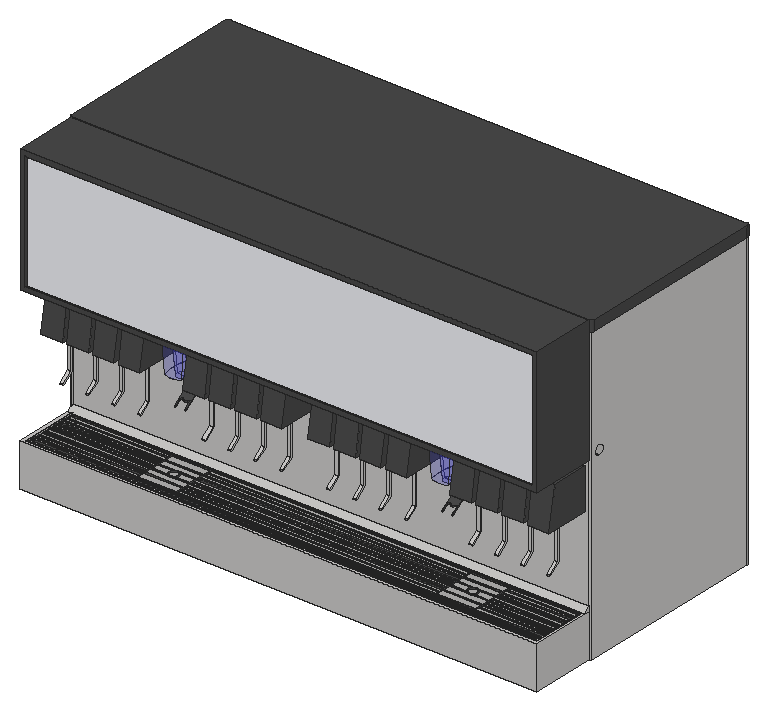
Revit family "QF_LANCER_IBD 4500-60_cat", category Specialty Equipment, Revit 2012
Parameters
  Width [instance] = 60 3/4"  # constant formula
  Weight in Pounds = 0
  Watts = 0 W
  Waste Water Discharge Temperature = -459.67 °F
  Volts = 115 V
  URL Cutsheet = "www.lancercorp.com"
  URL = "www.lancercorp.com"
  Type Mark [instance] = ""
  Status [instance] = ""
  Specification by User [instance] = ""
  Specification by Manufacturer = ""
  Serial Number = ""
  Seismic Rating = ""
  SMACNA No = ""
  Revision Code [instance] = ""
  Plumbing Remarks = ""
  Plumbing Connection Type = ""
  Phase = 0
  Omniclass Number and Title = ""
  Number of Poles [instance] = 1
  NAFEM Spec ID Number = ""
  Model = "IBD 4500-60"
  Min Ckt Ampacity = 0 A
  Max Overcurrent Protection = 0 A
  Masterspec = ""
  Manufacturer = "LANCER"
  Item Number [instance] = ""
  Installed By [instance] = ""
  Indirect Waste Size = 3/4"
  Indirect Waste Flow = 0 GPM
  Indirect Waste Connection Type = ""
  Indirect Waste Connection Height = 0"
  Identify Quantity as Lot [instance] = yes
  Height [instance] = 35 3/8"  # constant formula
  HP = ""
  Furnished By [instance] = ""
  Foodservice Equipment Identifier [instance] = yes
  FL Amps = 6 A
  Electrical Remarks [instance] = ""
  Electric Connection Type [instance] = ""
  Elec Conn RI Height [instance] = 0"
  Elec Conn Connection Height [instance] = 0"
  Description = "ICE BEVERAGE DISPENSER"
  Depth [instance] = 30 1/2"  # constant formula
  Cycle = 60 Hz
  Conn Plug = ""
  Conn Conduit = yes
  Cold Water Temperature Recommended = -459.67 °F
  Cold Water Size = 3/8"
  Cold Water RI Height = 0"
  Cold Water Minimum Pressure = 0.00 psi
  Cold Water Maximum Pressure = 0.00 psi
  Cold Water Flow = 0 GPM
  Cold Water Consumption = ""
  Cold Water Connection Height = 0"
  CSI MasterFormat = ""
  CSI Master Format = ""
  Apparent Power = if(Phase = 3, Volts * FL Amps * 1.73, Volts * FL Amps)  # 690 VA
Reference planes (in)
  plane 1 "BACK": y = 0
  plane 2: z = 0
  plane 3 "LEFT": x = 0
  plane 4 "RIGHT": x = 60.75
  plane 5 "FRONT": y = -30.5
  plane 6 "TOP": z = 35.375
  plane 7 "Center Y": x = 30.375
  plane 8 "Center X": y = -15.25
  plane 9: z = 5
  plane 10: y = -23
  plane 11: z = 14.61
  plane 12: z = 20.68815
  plane 13: z = 34.1875
  plane 14: x = 2.12515
  plane 15: x = 4.95882
  plane 16: x = 2.33382
  plane 17: x = 8.12515
  plane 18: x = 10.95882
  plane 19: x = 8.33382
  plane 20: x = 5.12515
  plane 21: x = 7.95882
  plane 22: x = 5.33382
  plane 23: x = 11.12515
  plane 24: x = 13.95882
  plane 25: x = 11.33382
  plane 26: x = 18.62485
  plane 27: x = 21.45853
  plane 28: x = 18.83353
  plane 29: x = 24.62485
  plane 30: x = 27.45853
  plane 31: x = 24.83353
  plane 32: x = 21.62485
  plane 33: x = 24.45853
  plane 34: x = 21.83353
  plane 35: x = 27.62485
  plane 36: x = 30.45853
  plane 37: x = 27.83353
  plane 38: x = 58.62485
  plane 39: x = 55.79118
  plane 40: x = 58.41618
  plane 41: x = 52.62485
  plane 42: x = 49.79118
  plane 43: x = 52.41618
  plane 44: x = 55.62485
  plane 45: x = 52.79118
  plane 46: x = 55.41618
  plane 47: x = 49.62485
  plane 48: x = 46.79118
  plane 49: x = 49.41618
  plane 50: x = 42.12515
  plane 51: x = 39.29147
  plane 52: x = 41.91647
  plane 53: x = 36.12515
  plane 54: x = 33.29147
  plane 55: x = 35.91647
  plane 56: x = 39.12515
  plane 57: x = 36.29147
  plane 58: x = 38.91647
  plane 59: x = 33.12515
  plane 60: x = 30.29147
  plane 61: x = 32.91647
Forms (in)
  Extrusion 1, solid, material "QF_Finishes_Stainless Steel"
    sketch origin (0, 0, 0) x (1, 0, 0) y (0, 1, 0)
      loop
        line (0.375, -23) -> (0.375, -22.9375) -> (60.375, -22.9375) -> (60.375, -23)
        arc (60.375, -23) -> (60.50758, -22.94508) -> (60.5625, -22.8125) r 0.1875
        line (60.5625, -22.8125) -> (60.5625, -0.25)
        arc (60.5625, -0.25) -> (60.54419, -0.20581) -> (60.5, -0.1875) r 0.0625
        line (60.5, -0.1875) -> (0.25, -0.1875)
        arc (0.25, -0.1875) -> (0.20581, -0.20581) -> (0.1875, -0.25) r 0.0625
        line (0.1875, -0.25) -> (0.1875, -22.8125)
        arc (0.1875, -22.8125) -> (0.24242, -22.94508) -> (0.375, -23) r 0.1875
    from 0 to 34.1875
  Extrusion 2, solid, material "QF_Finishes_Stainless Steel"
    sketch origin (0, 0, 0) x (1, 0, 0) y (0, 1, 0)
      loop
        line (0.375, -23) -> (0.375, -30.5) -> (60.375, -30.5) -> (60.375, -23) -> (60, -23) -> (60, -30.125) -> (0.75, -30.125) -> (0.75, -23) -> (0.375, -23)
    from 0 to 5
  Extrusion 3, solid, material "QF_Finishes_Stainless Steel"
    sketch origin (0, 0, 0) x (1, 0, 0) y (0, 1, 0)
      loop
        line (0.75, -23) -> (0.75, -30.125) -> (60, -30.125) -> (60, -23) -> (0.75, -23)
    from 0 to 0.375
  Blend 4, solid, material "Glass"
    base sketch origin (-7.125, 0, 0) x (1, 0, 0) y (0, 1, 0)
      loop
        line (23.03287, -23.21875) -> (20.96713, -23.21875)
        arc (20.96713, -23.21875) -> (20.79437, -24.82045) -> (21, -26.41827) r 6.85835
        arc (21, -26.41827) -> (22, -26.69108) -> (23, -26.41827) r 1.96919
        arc (23, -26.41827) -> (23.20563, -24.82045) -> (23.03287, -23.21875) r 6.85835
    top sketch origin (-7.125, 0, 0) x (1, 0, 0) y (0, 1, 0)
      loop
        line (23.53753, -23.21875) -> (20.46247, -23.21875)
        arc (20.46247, -23.21875) -> (20.30335, -24.92716) -> (20.54461, -26.62593) r 7.35113
        arc (20.54461, -26.62593) -> (22, -27.11846) -> (23.45539, -26.62593) r 2.39657
        arc (23.45539, -26.62593) -> (23.69665, -24.92716) -> (23.53753, -23.21875) r 7.35113
    from 14.875 to 20.68815
  Extrusion 5, solid, material "QF_Finishes_Stainless Steel"
    sketch origin (0, 0.0625, 0) x (0, 1, 0) y (0, 0, 1)
      loop
        line (-23, 5.60401) -> (-23.60401, 5) -> (-23, 5) -> (-23, 5.60401)
    from 0.375 to 60.375
  Revolve 6, solid, material "Glass"
    sketch origin (-7.12485, -25, 0) x (1, 0, 0) y (0, 0, 1)
      loop
        line (22, 20.27385) -> (22, 14.50252) -> (22.67263, 14.50252)
        arc (22.67263, 14.50252) -> (22.81766, 17.4016) -> (23.237, 20.27385) r 30.56875
        line (23.237, 20.27385) -> (22, 20.27385)
      axis (22, 14.50252) -> (22, 20.27385)
    angle from 0 to 360
  Extrusion 7, solid, material "QF_Finishes_Stainless Steel"
    sketch origin (-7.125, 0, 0) x (1, 0, 0) y (0, 0, 1)
      loop
        line (21.02317, 14.61) -> (22.97683, 14.61) -> (23.58115, 20.68815) -> (20.41885, 20.68815) -> (21.02317, 14.61)
    from 23 to 23.21875
  Extrusion 8, solid, material "QF_Finishes_Black"
    sketch origin (-0.38493, 0, -1.56533) x (0, 1, 0) y (0, 0, 1)
      loop
        line (-24, 16.17533) -> (-24, 13.80658) -> (-25.43906, 12.83592) -> (-25.40411, 12.78411) -> (-23.9375, 13.77334) -> (-23.9375, 16.17533) -> (-24, 16.17533)
    from 14.59375 to 15.90625
  Extrusion 9, void
    sketch origin (-7.12485, 0, -1.56533) x (1, 0, 0) y (0, 1, 0)
      loop
        line (21.50557, -25.47981) -> (22.49443, -25.47981) -> (22.5317, -24.76869)
        arc (22.5317, -24.76869) -> (22.46175, -24.63985) -> (22.31519, -24.64369) r 0.14029
        arc (22.31519, -24.64369) -> (22, -24.73706) -> (21.68481, -24.64369) r 0.57872
        arc (21.68481, -24.64369) -> (21.53825, -24.63985) -> (21.4683, -24.76869) r 0.14029
        line (21.4683, -24.76869) -> (21.50557, -25.47981)
    from 12.74241 to 14.39164
  Extrusion 10, void
    sketch origin (-7.12485, 0, -1.56533) x (1, 0, 0) y (0, 0, 1)
      loop
        line (21.34491, 13.82322) -> (21.50939, 16.17533) -> (21.19702, 16.17533) -> (21.19702, 13.82322) -> (21.34491, 13.82322)
      loop
        line (22.65509, 13.82322) -> (22.80298, 13.82322) -> (22.80298, 16.17533) -> (22.49061, 16.17533) -> (22.65509, 13.82322)
    from 23.83187 to 24.10002
  Extrusion 11, solid, material "QF_Finishes_Stainless Steel"
    sketch origin (0, 0, 0.84861) x (1, 0, 0) y (0, 1, 0)
      loop
        line (0.75, -30.125) -> (60, -30.125) -> (60, -23) -> (0.75, -23) -> (0.75, -30.125)
      loop
        line (0.8125, -30.0625) -> (59.9375, -30.0625) -> (59.9375, -23.0625) -> (0.8125, -23.0625) -> (0.8125, -30.0625)
    from 3.90139 to 4.15139
  Extrusion 12, solid, material "QF_Finishes_Stainless Steel"
    sketch origin (4.25, 0, 12.09375) x (1, 0, 0) y (0, 0, -1)
      loop
        circle (26.125, -5) r 0.25
    from 0 to 0.0625
  Extrusion 13, solid, material "QF_Finishes_Stainless Steel"
    sketch origin (60.5625, -0.25, 1.125) x (0, -1, 0) y (0, 0, -1)
      loop
        circle (21.54517, -20.31108) r 0.5
    from 0 to 0.0625
  Extrusion 14, solid, material "QF_Finishes_Stainless Steel"
    sketch origin (0.1875, 0, 1.125) x (0, -1, 0) y (0, 0, 1)
      loop
        circle (21.79517, 20.31108) r 0.5
    from 0 to 0.0625
  Extrusion 15, solid, material "QF_Finishes_Black"
    sketch origin (0, 0, 0) x (1, 0, 0) y (0, 1, 0)
      loop
        line (0.37515, -23) -> (0.37515, -30.5) -> (60.375, -30.5) -> (60.375, -23) -> (0.37515, -23)
    from 20.68815 to 35.375
  Extrusion 16, solid, material "QF_Finishes_Black"
    sketch origin (3.94772, 0, -0.38953) x (0, 1, 0) y (0, 0, -1)
      loop
        line (-27.34912, -20.37709) -> (-22.9375, -20.37709) -> (-22.9375, -15.625) -> (-28.11716, -15.625) -> (-27.34912, -20.37709)
    from 0.57258 to 3.07258
  Extrusion 17, solid, material "QF_Finishes_Black"
    sketch origin (-4.69743, 0, -1.20486) x (1, 0, 0) y (0, 1, 0)
      loop
        circle (6.82258, -26.65163) r 0.5
    from 15.81486 to 16.44033
  Sweep 18, solid, material "QF_Finishes_Stainless Steel"
    path origin (0.42757, 0, -1.20486) x (0, 1, 0) y (0, 0, 1)
      loop
        line (-25.46144, 16.44033) -> (-25.46144, 11.90908) -> (-26.65939, 11.00636)
    profile origin (0.42757, -25.46144, 12.96985) x (1, 0, 0) y (0, 1, 0)
      loop
        line (1.51008, 0) -> (1.51008, -0.0625) -> (1.88508, -0.0625) -> (1.88508, 0) -> (1.51008, 0)
  Extrusion 19, solid, material "QF_Finishes_Black"
    sketch origin (9.94772, 0, -0.38953) x (0, 1, 0) y (0, 0, -1)
      loop
        line (-27.34912, -20.37709) -> (-22.9375, -20.37709) -> (-22.9375, -15.625) -> (-28.11716, -15.625) -> (-27.34912, -20.37709)
    from 0.57258 to 3.07258
  Extrusion 20, solid, material "QF_Finishes_Black"
    sketch origin (1.30257, 0, -1.20486) x (1, 0, 0) y (0, 1, 0)
      loop
        circle (6.82258, -26.65163) r 0.5
    from 15.81486 to 16.44033
  Sweep 21, solid, material "QF_Finishes_Stainless Steel"
    path origin (6.42757, 0, -1.20486) x (0, 1, 0) y (0, 0, 1)
      loop
        line (-25.46144, 16.44033) -> (-25.46144, 11.90908) -> (-26.65939, 11.00636)
    profile origin (6.42757, -25.46144, 12.96985) x (1, 0, 0) y (0, 1, 0)
      loop
        line (1.51008, 0) -> (1.51008, -0.0625) -> (1.88508, -0.0625) -> (1.88508, 0) -> (1.51008, 0)
  Extrusion 22, solid, material "QF_Finishes_Black"
    sketch origin (6.94772, 0, -0.38953) x (0, 1, 0) y (0, 0, -1)
      loop
        line (-27.34912, -20.37709) -> (-22.9375, -20.37709) -> (-22.9375, -15.625) -> (-28.11716, -15.625) -> (-27.34912, -20.37709)
    from 0.57258 to 3.07258
  Extrusion 23, solid, material "QF_Finishes_Black"
    sketch origin (-1.69743, 0, -1.20486) x (1, 0, 0) y (0, 1, 0)
      loop
        circle (6.82258, -26.65163) r 0.5
    from 15.81486 to 16.44033
  Sweep 24, solid, material "QF_Finishes_Stainless Steel"
    path origin (3.42757, 0, -1.20486) x (0, 1, 0) y (0, 0, 1)
      loop
        line (-25.46144, 16.44033) -> (-25.46144, 11.90908) -> (-26.65939, 11.00636)
    profile origin (3.42757, -25.46144, 12.96985) x (1, 0, 0) y (0, 1, 0)
      loop
        line (1.51008, 0) -> (1.51008, -0.0625) -> (1.88508, -0.0625) -> (1.88508, 0) -> (1.51008, 0)
  Extrusion 25, solid, material "QF_Finishes_Black"
    sketch origin (12.94772, 0, -0.38953) x (0, 1, 0) y (0, 0, -1)
      loop
        line (-27.34912, -20.37709) -> (-22.9375, -20.37709) -> (-22.9375, -15.625) -> (-28.11716, -15.625) -> (-27.34912, -20.37709)
    from 0.57258 to 3.07258
  Extrusion 26, solid, material "QF_Finishes_Black"
    sketch origin (4.30257, 0, -1.20486) x (1, 0, 0) y (0, 1, 0)
      loop
        circle (6.82258, -26.65163) r 0.5
    from 15.81486 to 16.44033
  Sweep 27, solid, material "QF_Finishes_Stainless Steel"
    path origin (9.42757, 0, -1.20486) x (0, 1, 0) y (0, 0, 1)
      loop
        line (-25.46144, 16.44033) -> (-25.46144, 11.90908) -> (-26.65939, 11.00636)
    profile origin (9.42757, -25.46144, 12.96985) x (1, 0, 0) y (0, 1, 0)
      loop
        line (1.51008, 0) -> (1.51008, -0.0625) -> (1.88508, -0.0625) -> (1.88508, 0) -> (1.51008, 0)
  Extrusion 28, solid, material "QF_Finishes_Black"
    sketch origin (0, 0, 34.1875) x (1, 0, 0) y (0, 1, 0)
      loop
        arc (0.5, 0) -> (0.15016, -0.14277) -> (0.00011, -0.48954) r 0.5
        line (0.00011, -0.48954) -> (0.00011, -22.62496)
        arc (0.00011, -22.62496) -> (0.10996, -22.89015) -> (0.37515, -23) r 0.37504
        line (0.37515, -23) -> (60.375, -23)
        arc (60.375, -23) -> (60.64017, -22.89017) -> (60.75, -22.625) r 0.375
        line (60.75, -22.625) -> (60.75, -0.5)
        arc (60.75, -0.5) -> (60.60355, -0.14645) -> (60.25, 0) r 0.5
        line (60.25, 0) -> (0.5, 0)
    from 0 to 1.1875
  Extrusion 29, void
    sketch origin (0.375, -30.5, 0) x (1, 0, 0) y (0, 0, 1)
      loop
        line (59.5, 34.875) -> (0.50015, 34.875) -> (0.50015, 21.18815) -> (59.5, 21.18815) -> (59.5, 34.875)
    from -0.33697 to 0.43849
  Extrusion 30, solid, material "QF_Finishes_Black"
    sketch origin (0, 0, 0.6875) x (1, 0, 0) y (0, 1, 0)
      loop
        line (0.75, -30.125) -> (60, -30.125) -> (60, -23) -> (0.75, -23) -> (0.75, -30.125)
      loop
        line (1, -30) -> (59.75, -30)
        arc (59.75, -30) -> (59.83839, -29.96339) -> (59.875, -29.875) r 0.125
        line (59.875, -29.875) -> (59.875, -29.53588) -> (0.875, -29.53588) -> (0.875, -29.875)
        arc (0.875, -29.875) -> (0.91161, -29.96339) -> (1, -30) r 0.125
      loop
        line (0.875, -23.25) -> (0.875, -23.35246) -> (59.875, -23.35246) -> (59.875, -23.25)
        arc (59.875, -23.25) -> (59.83839, -23.16161) -> (59.75, -23.125) r 0.125
        line (59.75, -23.125) -> (1, -23.125)
        arc (1, -23.125) -> (0.91161, -23.16161) -> (0.875, -23.25) r 0.125
      loop
        line (59.875, -23.81917) -> (51.93741, -23.81917) -> (51.93741, -24.35042) -> (59.875, -24.35042) -> (59.875, -23.81917)
      loop
        line (0.875, -28.94417) -> (12.61018, -28.94417) -> (12.61018, -28.41292) -> (0.875, -28.41292) -> (0.875, -28.94417)
      loop
        line (12.67268, -23.81917) -> (12.67268, -24.91292) -> (17.17268, -24.91292) -> (17.17268, -23.81917) -> (12.67268, -23.81917)
      loop
        line (59.875, -23.75667) -> (59.875, -23.41496) -> (0.875, -23.41496) -> (0.875, -23.75667) -> (59.875, -23.75667)
      loop
        line (17.23518, -23.81917) -> (17.23518, -24.35042) -> (47.31241, -24.35042) -> (47.31241, -23.81917) -> (17.23518, -23.81917)
      loop
        line (0.875, -29.00667) -> (0.875, -29.47338) -> (59.875, -29.47338) -> (59.875, -29.00667) -> (47.21866, -29.00667) -> (0.875, -29.00667)
      loop
        line (12.61018, -23.81917) -> (0.875, -23.81917) -> (0.875, -24.35042) -> (12.61018, -24.35042) -> (12.61018, -23.81917)
      loop
        line (0.875, -24.41292) -> (0.875, -24.91292) -> (12.61018, -24.91292) -> (12.61018, -24.41292) -> (0.875, -24.41292)
      loop
        line (0.875, -28.35042) -> (12.61018, -28.35042) -> (12.61018, -27.88167) -> (0.875, -27.88167) -> (0.875, -28.35042)
      loop
        line (0.875, -25.85042) -> (12.61018, -25.85042) -> (12.61018, -25.50667) -> (0.875, -25.50667) -> (0.875, -25.85042)
      loop
        line (0.875, -25.91292) -> (0.875, -26.38167) -> (12.61018, -26.38167) -> (12.61018, -25.91292) -> (0.875, -25.91292)
      loop
        line (0.875, -24.97542) -> (0.875, -25.44417) -> (12.61018, -25.44417) -> (12.61018, -24.97542) -> (0.875, -24.97542)
      loop
        line (0.875, -26.91292) -> (0.875, -27.38167) -> (12.61018, -27.38167) -> (12.61018, -26.91292) -> (0.875, -26.91292)
      loop
        line (0.875, -26.85042) -> (12.61018, -26.85042) -> (12.61018, -26.44417) -> (0.875, -26.44417) -> (0.875, -26.85042)
      loop
        line (0.875, -27.81917) -> (12.61018, -27.81917) -> (12.61018, -27.44417) -> (0.875, -27.44417) -> (0.875, -27.81917)
      loop
        line (17.23518, -28.94417) -> (47.31241, -28.94417) -> (47.31241, -28.41292) -> (17.23518, -28.41292) -> (17.23518, -28.94417)
      loop
        line (12.67268, -28.94417) -> (17.17268, -28.94417) -> (17.17268, -28.37807) -> (17.17268, -27.88167) -> (12.67268, -27.88167) -> (12.67268, -28.94417)
      loop
        line (17.23518, -28.35042) -> (47.31241, -28.35042) -> (47.31241, -27.88167) -> (17.23518, -27.88167) -> (17.23518, -28.35042)
      loop
        line (17.23518, -27.38167) -> (47.31241, -27.38167) -> (47.31241, -26.91292) -> (17.23518, -26.91292) -> (17.23518, -27.38167)
      loop
        line (17.23518, -27.44417) -> (17.23518, -27.81917) -> (47.31241, -27.81917) -> (47.31241, -27.44417) -> (17.23518, -27.44417)
      loop
        line (17.23518, -26.38167) -> (47.31241, -26.38167) -> (47.31241, -25.91292) -> (17.23518, -25.91292) -> (17.23518, -26.38167)
      loop
        line (17.23518, -26.44417) -> (17.23518, -26.85042) -> (47.31241, -26.85042) -> (47.31241, -26.44417) -> (17.23518, -26.44417)
      loop
        line (17.23518, -25.44417) -> (47.31241, -25.44417) -> (47.31241, -24.97542) -> (17.23518, -24.97542) -> (17.23518, -25.44417)
      loop
        line (17.23518, -25.50667) -> (17.23518, -25.85042) -> (47.31241, -25.85042) -> (47.31241, -25.50667) -> (17.23518, -25.50667)
      loop
        line (17.23518, -24.41292) -> (17.23518, -24.91292) -> (47.31241, -24.91292) -> (47.31241, -24.41292) -> (17.23518, -24.41292)
      loop
        line (12.67268, -27.81917) -> (17.17268, -27.81917) -> (17.17268, -26.91292) -> (15.18784, -26.91292)
        arc (15.18784, -26.91292) -> (14.92268, -26.97542) -> (14.65751, -26.91292) r 0.59375
        line (14.65751, -26.91292) -> (12.67268, -26.91292) -> (12.67268, -27.81917)
      loop
        line (12.67268, -26.85042) -> (14.55824, -26.85042)
        arc (14.55824, -26.85042) -> (14.32893, -26.38167) -> (14.55824, -25.91292) r 0.59375
        line (14.55824, -25.91292) -> (12.67268, -25.91292) -> (12.67268, -26.85042)
      loop
        line (17.17268, -25.91292) -> (15.28711, -25.91292)
        arc (15.28711, -25.91292) -> (15.51643, -26.38167) -> (15.28711, -26.85042) r 0.59375
        line (15.28711, -26.85042) -> (17.17268, -26.85042) -> (17.17268, -25.91292)
      loop
        line (12.67268, -25.85042) -> (14.65751, -25.85042)
        arc (14.65751, -25.85042) -> (14.92268, -25.78792) -> (15.18784, -25.85042) r 0.59375
        line (15.18784, -25.85042) -> (17.17268, -25.85042) -> (17.17268, -24.97542) -> (12.67268, -24.97542) -> (12.67268, -25.85042)
      loop
        line (59.875, -28.94417) -> (59.875, -28.41292) -> (51.93741, -28.41292) -> (51.93741, -28.94417) -> (59.875, -28.94417)
      loop
        line (59.875, -28.35042) -> (59.875, -27.88167) -> (51.93741, -27.88167) -> (51.93741, -28.35042) -> (59.875, -28.35042)
      loop
        line (59.875, -27.81917) -> (59.875, -27.44417) -> (51.93741, -27.44417) -> (51.93741, -27.81917) -> (59.875, -27.81917)
      loop
        line (59.875, -27.38167) -> (59.875, -26.91292) -> (51.93741, -26.91292) -> (51.93741, -27.38167) -> (59.875, -27.38167)
      loop
        line (59.875, -26.85042) -> (59.875, -26.44417) -> (51.93741, -26.44417) -> (51.93741, -26.85042) -> (59.875, -26.85042)
      loop
        line (59.875, -26.38167) -> (59.875, -25.91292) -> (51.93741, -25.91292) -> (51.93741, -26.38167) -> (59.875, -26.38167)
      loop
        line (59.875, -25.85042) -> (59.875, -25.50667) -> (51.93741, -25.50667) -> (51.93741, -25.85042) -> (59.875, -25.85042)
      loop
        line (59.875, -25.44417) -> (59.875, -24.97542) -> (51.93741, -24.97542) -> (51.93741, -25.44417) -> (59.875, -25.44417)
      loop
        line (59.875, -24.91292) -> (59.875, -24.41292) -> (51.93741, -24.41292) -> (51.93741, -24.91292) -> (59.875, -24.91292)
      loop
        circle (14.92268, -26.38167) r 0.53125
      loop
        line (47.37491, -23.81917) -> (47.37491, -24.91292) -> (51.87491, -24.91292) -> (51.87491, -23.81917) -> (47.37491, -23.81917)
      loop
        line (47.37491, -28.94417) -> (51.87491, -28.94417) -> (51.87491, -28.37807) -> (51.87491, -27.88167) -> (47.37491, -27.88167) -> (47.37491, -28.94417)
      loop
        line (47.37491, -27.81917) -> (51.87491, -27.81917) -> (51.87491, -26.91292) -> (49.89008, -26.91292)
        arc (49.89008, -26.91292) -> (49.62491, -26.97542) -> (49.35975, -26.91292) r 0.59375
        line (49.35975, -26.91292) -> (47.37491, -26.91292) -> (47.37491, -27.81917)
      loop
        line (47.37491, -26.85042) -> (49.26048, -26.85042)
        arc (49.26048, -26.85042) -> (49.03116, -26.38167) -> (49.26048, -25.91292) r 0.59375
        line (49.26048, -25.91292) -> (47.37491, -25.91292) -> (47.37491, -26.85042)
      loop
        line (51.87491, -25.91292) -> (49.98935, -25.91292)
        arc (49.98935, -25.91292) -> (50.21866, -26.38167) -> (49.98935, -26.85042) r 0.59375
        line (49.98935, -26.85042) -> (51.87491, -26.85042) -> (51.87491, -25.91292)
      loop
        line (47.37491, -25.85042) -> (49.35975, -25.85042)
        arc (49.35975, -25.85042) -> (49.62491, -25.78792) -> (49.89008, -25.85042) r 0.59375
        line (49.89008, -25.85042) -> (51.87491, -25.85042) -> (51.87491, -24.97542) -> (47.37491, -24.97542) -> (47.37491, -25.85042)
      loop
        circle (49.62491, -26.38167) r 0.53125
    from 4.15139 to 4.21389
  Extrusion 31, solid, material "QF_Finishes_Black"
    sketch origin (20.44743, 0, -0.38953) x (0, 1, 0) y (0, 0, -1)
      loop
        line (-27.34912, -20.37709) -> (-22.9375, -20.37709) -> (-22.9375, -15.625) -> (-28.11716, -15.625) -> (-27.34912, -20.37709)
    from 0.57258 to 3.07258
  Extrusion 32, solid, material "QF_Finishes_Black"
    sketch origin (11.80228, 0, -1.20486) x (1, 0, 0) y (0, 1, 0)
      loop
        circle (6.82258, -26.65163) r 0.5
    from 15.81486 to 16.44033
  Sweep 33, solid, material "QF_Finishes_Stainless Steel"
    path origin (16.92728, 0, -1.20486) x (0, 1, 0) y (0, 0, 1)
      loop
        line (-25.46144, 16.44033) -> (-25.46144, 11.90908) -> (-26.65939, 11.00636)
    profile origin (16.92728, -25.46144, 12.96985) x (1, 0, 0) y (0, 1, 0)
      loop
        line (1.51008, 0) -> (1.51008, -0.0625) -> (1.88508, -0.0625) -> (1.88508, 0) -> (1.51008, 0)
  Extrusion 34, solid, material "QF_Finishes_Black"
    sketch origin (26.44743, 0, -0.38953) x (0, 1, 0) y (0, 0, -1)
      loop
        line (-27.34912, -20.37709) -> (-22.9375, -20.37709) -> (-22.9375, -15.625) -> (-28.11716, -15.625) -> (-27.34912, -20.37709)
    from 0.57258 to 3.07258
  Extrusion 35, solid, material "QF_Finishes_Black"
    sketch origin (17.80228, 0, -1.20486) x (1, 0, 0) y (0, 1, 0)
      loop
        circle (6.82258, -26.65163) r 0.5
    from 15.81486 to 16.44033
  Sweep 36, solid, material "QF_Finishes_Stainless Steel"
    path origin (22.92728, 0, -1.20486) x (0, 1, 0) y (0, 0, 1)
      loop
        line (-25.46144, 16.44033) -> (-25.46144, 11.90908) -> (-26.65939, 11.00636)
    profile origin (22.92728, -25.46144, 12.96985) x (1, 0, 0) y (0, 1, 0)
      loop
        line (1.51008, 0) -> (1.51008, -0.0625) -> (1.88508, -0.0625) -> (1.88508, 0) -> (1.51008, 0)
  Extrusion 37, solid, material "QF_Finishes_Black"
    sketch origin (23.44743, 0, -0.38953) x (0, 1, 0) y (0, 0, -1)
      loop
        line (-27.34912, -20.37709) -> (-22.9375, -20.37709) -> (-22.9375, -15.625) -> (-28.11716, -15.625) -> (-27.34912, -20.37709)
    from 0.57258 to 3.07258
  Extrusion 38, solid, material "QF_Finishes_Black"
    sketch origin (14.80228, 0, -1.20486) x (1, 0, 0) y (0, 1, 0)
      loop
        circle (6.82258, -26.65163) r 0.5
    from 15.81486 to 16.44033
  Sweep 39, solid, material "QF_Finishes_Stainless Steel"
    path origin (19.92728, 0, -1.20486) x (0, 1, 0) y (0, 0, 1)
      loop
        line (-25.46144, 16.44033) -> (-25.46144, 11.90908) -> (-26.65939, 11.00636)
    profile origin (19.92728, -25.46144, 12.96985) x (1, 0, 0) y (0, 1, 0)
      loop
        line (1.51008, 0) -> (1.51008, -0.0625) -> (1.88508, -0.0625) -> (1.88508, 0) -> (1.51008, 0)
  Extrusion 40, solid, material "QF_Finishes_Black"
    sketch origin (29.44743, 0, -0.38953) x (0, 1, 0) y (0, 0, -1)
      loop
        line (-27.34912, -20.37709) -> (-22.9375, -20.37709) -> (-22.9375, -15.625) -> (-28.11716, -15.625) -> (-27.34912, -20.37709)
    from 0.57258 to 3.07258
  Extrusion 41, solid, material "QF_Finishes_Black"
    sketch origin (20.80228, 0, -1.20486) x (1, 0, 0) y (0, 1, 0)
      loop
        circle (6.82258, -26.65163) r 0.5
    from 15.81486 to 16.44033
  Sweep 42, solid, material "QF_Finishes_Stainless Steel"
    path origin (25.92728, 0, -1.20486) x (0, 1, 0) y (0, 0, 1)
      loop
        line (-25.46144, 16.44033) -> (-25.46144, 11.90908) -> (-26.65939, 11.00636)
    profile origin (25.92728, -25.46144, 12.96985) x (1, 0, 0) y (0, 1, 0)
      loop
        line (1.51008, 0) -> (1.51008, -0.0625) -> (1.88508, -0.0625) -> (1.88508, 0) -> (1.51008, 0)
  Revolve 43, solid, material "Glass"
    sketch origin (67.87485, -25, 0) x (-1, 0, 0) y (0, 0, -1)
      loop
        line (22, -20.27385) -> (23.237, -20.27385)
        arc (23.237, -20.27385) -> (22.81766, -17.4016) -> (22.67263, -14.50252) r 30.56875
        line (22.67263, -14.50252) -> (22, -14.50252) -> (22, -20.27385)
      axis (22, -14.50252) -> (22, -20.27385)
    angle from 0 to 360
  Extrusion 44, solid, material "QF_Finishes_Black"
    sketch origin (61.13493, 0, -1.56533) x (0, 1, 0) y (0, 0, -1)
      loop
        line (-24, -16.17533) -> (-23.9375, -16.17533) -> (-23.9375, -13.77334) -> (-25.40411, -12.78411) -> (-25.43906, -12.83592) -> (-24, -13.80658) -> (-24, -16.17533)
    from 14.59375 to 15.90625
  Extrusion 45, void
    sketch origin (67.87485, 0, -1.56533) x (-1, 0, 0) y (0, -1, 0)
      loop
        line (21.50557, 25.47981) -> (21.4683, 24.76869)
        arc (21.4683, 24.76869) -> (21.53825, 24.63985) -> (21.68481, 24.64369) r 0.14029
        arc (21.68481, 24.64369) -> (22, 24.73706) -> (22.31519, 24.64369) r 0.57872
        arc (22.31519, 24.64369) -> (22.46175, 24.63985) -> (22.5317, 24.76869) r 0.14029
        line (22.5317, 24.76869) -> (22.49443, 25.47981) -> (21.50557, 25.47981)
    from 12.74241 to 14.39164
  Extrusion 46, void
    sketch origin (67.87485, 0, -1.56533) x (-1, 0, 0) y (0, 0, -1)
      loop
        line (21.34491, -13.82322) -> (21.19702, -13.82322) -> (21.19702, -16.17533) -> (21.50939, -16.17533) -> (21.34491, -13.82322)
      loop
        line (22.65509, -13.82322) -> (22.49061, -16.17533) -> (22.80298, -16.17533) -> (22.80298, -13.82322) -> (22.65509, -13.82322)
    from 23.83187 to 24.10002
  Extrusion 47, solid, material "QF_Finishes_Black"
    sketch origin (56.80228, 0, -0.38953) x (0, 1, 0) y (0, 0, 1)
      loop
        line (-27.34912, 20.37709) -> (-28.11716, 15.625) -> (-22.9375, 15.625) -> (-22.9375, 20.37709) -> (-27.34912, 20.37709)
    from 0.57258 to 3.07258
  Extrusion 48, solid, material "QF_Finishes_Black"
    sketch origin (65.44743, 0, -1.20486) x (-1, 0, 0) y (0, -1, 0)
      loop
        circle (6.82258, 26.65163) r 0.5
    from 15.81486 to 16.44033
  Sweep 49, solid, material "QF_Finishes_Stainless Steel"
    path origin (60.32243, 0, -1.20486) x (0, 1, 0) y (0, 0, -1)
      loop
        line (-25.46144, -16.44033) -> (-25.46144, -11.90908) -> (-26.65939, -11.00636)
    profile origin (60.32243, -25.46144, 12.96985) x (-1, 0, 0) y (0, -1, 0)
      loop
        line (1.51008, 0) -> (1.88508, 0) -> (1.88508, 0.0625) -> (1.51008, 0.0625) -> (1.51008, 0)
  Extrusion 50, solid, material "QF_Finishes_Black"
    sketch origin (50.80228, 0, -0.38953) x (0, 1, 0) y (0, 0, 1)
      loop
        line (-27.34912, 20.37709) -> (-28.11716, 15.625) -> (-22.9375, 15.625) -> (-22.9375, 20.37709) -> (-27.34912, 20.37709)
    from 0.57258 to 3.07258
  Extrusion 51, solid, material "QF_Finishes_Black"
    sketch origin (59.44743, 0, -1.20486) x (-1, 0, 0) y (0, -1, 0)
      loop
        circle (6.82258, 26.65163) r 0.5
    from 15.81486 to 16.44033
  Sweep 52, solid, material "QF_Finishes_Stainless Steel"
    path origin (54.32243, 0, -1.20486) x (0, 1, 0) y (0, 0, -1)
      loop
        line (-25.46144, -16.44033) -> (-25.46144, -11.90908) -> (-26.65939, -11.00636)
    profile origin (54.32243, -25.46144, 12.96985) x (-1, 0, 0) y (0, -1, 0)
      loop
        line (1.51008, 0) -> (1.88508, 0) -> (1.88508, 0.0625) -> (1.51008, 0.0625) -> (1.51008, 0)
  Extrusion 53, solid, material "QF_Finishes_Black"
    sketch origin (53.80228, 0, -0.38953) x (0, 1, 0) y (0, 0, 1)
      loop
        line (-27.34912, 20.37709) -> (-28.11716, 15.625) -> (-22.9375, 15.625) -> (-22.9375, 20.37709) -> (-27.34912, 20.37709)
    from 0.57258 to 3.07258
  Extrusion 54, solid, material "QF_Finishes_Black"
    sketch origin (62.44743, 0, -1.20486) x (-1, 0, 0) y (0, -1, 0)
      loop
        circle (6.82258, 26.65163) r 0.5
    from 15.81486 to 16.44033
  Sweep 55, solid, material "QF_Finishes_Stainless Steel"
    path origin (57.32243, 0, -1.20486) x (0, 1, 0) y (0, 0, -1)
      loop
        line (-25.46144, -16.44033) -> (-25.46144, -11.90908) -> (-26.65939, -11.00636)
    profile origin (57.32243, -25.46144, 12.96985) x (-1, 0, 0) y (0, -1, 0)
      loop
        line (1.51008, 0) -> (1.88508, 0) -> (1.88508, 0.0625) -> (1.51008, 0.0625) -> (1.51008, 0)
  Extrusion 56, solid, material "QF_Finishes_Black"
    sketch origin (47.80228, 0, -0.38953) x (0, 1, 0) y (0, 0, 1)
      loop
        line (-27.34912, 20.37709) -> (-28.11716, 15.625) -> (-22.9375, 15.625) -> (-22.9375, 20.37709) -> (-27.34912, 20.37709)
    from 0.57258 to 3.07258
  Extrusion 57, solid, material "QF_Finishes_Black"
    sketch origin (56.44743, 0, -1.20486) x (-1, 0, 0) y (0, -1, 0)
      loop
        circle (6.82258, 26.65163) r 0.5
    from 15.81486 to 16.44033
  Sweep 58, solid, material "QF_Finishes_Stainless Steel"
    path origin (51.32243, 0, -1.20486) x (0, 1, 0) y (0, 0, -1)
      loop
        line (-25.46144, -16.44033) -> (-25.46144, -11.90908) -> (-26.65939, -11.00636)
    profile origin (51.32243, -25.46144, 12.96985) x (-1, 0, 0) y (0, -1, 0)
      loop
        line (1.51008, 0) -> (1.88508, 0) -> (1.88508, 0.0625) -> (1.51008, 0.0625) -> (1.51008, 0)
  Extrusion 59, solid, material "QF_Finishes_Black"
    sketch origin (40.30257, 0, -0.38953) x (0, 1, 0) y (0, 0, 1)
      loop
        line (-27.34912, 20.37709) -> (-28.11716, 15.625) -> (-22.9375, 15.625) -> (-22.9375, 20.37709) -> (-27.34912, 20.37709)
    from 0.57258 to 3.07258
  Extrusion 60, solid, material "QF_Finishes_Black"
    sketch origin (48.94772, 0, -1.20486) x (-1, 0, 0) y (0, -1, 0)
      loop
        circle (6.82258, 26.65163) r 0.5
    from 15.81486 to 16.44033
  Sweep 61, solid, material "QF_Finishes_Stainless Steel"
    path origin (43.82272, 0, -1.20486) x (0, 1, 0) y (0, 0, -1)
      loop
        line (-25.46144, -16.44033) -> (-25.46144, -11.90908) -> (-26.65939, -11.00636)
    profile origin (43.82272, -25.46144, 12.96985) x (-1, 0, 0) y (0, -1, 0)
      loop
        line (1.51008, 0) -> (1.88508, 0) -> (1.88508, 0.0625) -> (1.51008, 0.0625) -> (1.51008, 0)
  Extrusion 62, solid, material "QF_Finishes_Black"
    sketch origin (34.30257, 0, -0.38953) x (0, 1, 0) y (0, 0, 1)
      loop
        line (-27.34912, 20.37709) -> (-28.11716, 15.625) -> (-22.9375, 15.625) -> (-22.9375, 20.37709) -> (-27.34912, 20.37709)
    from 0.57258 to 3.07258
  Extrusion 63, solid, material "QF_Finishes_Black"
    sketch origin (42.94772, 0, -1.20486) x (-1, 0, 0) y (0, -1, 0)
      loop
        circle (6.82258, 26.65163) r 0.5
    from 15.81486 to 16.44033
  Sweep 64, solid, material "QF_Finishes_Stainless Steel"
    path origin (37.82272, 0, -1.20486) x (0, 1, 0) y (0, 0, -1)
      loop
        line (-25.46144, -16.44033) -> (-25.46144, -11.90908) -> (-26.65939, -11.00636)
    profile origin (37.82272, -25.46144, 12.96985) x (-1, 0, 0) y (0, -1, 0)
      loop
        line (1.51008, 0) -> (1.88508, 0) -> (1.88508, 0.0625) -> (1.51008, 0.0625) -> (1.51008, 0)
  Extrusion 65, solid, material "QF_Finishes_Black"
    sketch origin (37.30257, 0, -0.38953) x (0, 1, 0) y (0, 0, 1)
      loop
        line (-27.34912, 20.37709) -> (-28.11716, 15.625) -> (-22.9375, 15.625) -> (-22.9375, 20.37709) -> (-27.34912, 20.37709)
    from 0.57258 to 3.07258
  Extrusion 66, solid, material "QF_Finishes_Black"
    sketch origin (45.94772, 0, -1.20486) x (-1, 0, 0) y (0, -1, 0)
      loop
        circle (6.82258, 26.65163) r 0.5
    from 15.81486 to 16.44033
  Sweep 67, solid, material "QF_Finishes_Stainless Steel"
    path origin (40.82272, 0, -1.20486) x (0, 1, 0) y (0, 0, -1)
      loop
        line (-25.46144, -16.44033) -> (-25.46144, -11.90908) -> (-26.65939, -11.00636)
    profile origin (40.82272, -25.46144, 12.96985) x (-1, 0, 0) y (0, -1, 0)
      loop
        line (1.51008, 0) -> (1.88508, 0) -> (1.88508, 0.0625) -> (1.51008, 0.0625) -> (1.51008, 0)
  Extrusion 68, solid, material "QF_Finishes_Black"
    sketch origin (31.30257, 0, -0.38953) x (0, 1, 0) y (0, 0, 1)
      loop
        line (-27.34912, 20.37709) -> (-28.11716, 15.625) -> (-22.9375, 15.625) -> (-22.9375, 20.37709) -> (-27.34912, 20.37709)
    from 0.57258 to 3.07258
  Extrusion 69, solid, material "QF_Finishes_Black"
    sketch origin (39.94772, 0, -1.20486) x (-1, 0, 0) y (0, -1, 0)
      loop
        circle (6.82258, 26.65163) r 0.5
    from 15.81486 to 16.44033
  Sweep 70, solid, material "QF_Finishes_Stainless Steel"
    path origin (34.82272, 0, -1.20486) x (0, 1, 0) y (0, 0, -1)
      loop
        line (-25.46144, -16.44033) -> (-25.46144, -11.90908) -> (-26.65939, -11.00636)
    profile origin (34.82272, -25.46144, 12.96985) x (-1, 0, 0) y (0, -1, 0)
      loop
        line (1.51008, 0) -> (1.88508, 0) -> (1.88508, 0.0625) -> (1.51008, 0.0625) -> (1.51008, 0)
  Blend 71, solid, material "Glass"
    base sketch origin (67.875, 0, 0) x (-1, 0, 0) y (0, -1, 0)
      loop
        arc (23.03287, 23.21875) -> (23.20563, 24.82045) -> (23, 26.41827) r 6.85835
        arc (23, 26.41827) -> (22, 26.69108) -> (21, 26.41827) r 1.96919
        arc (21, 26.41827) -> (20.79437, 24.82045) -> (20.96713, 23.21875) r 6.85835
        line (20.96713, 23.21875) -> (23.03287, 23.21875)
    top sketch origin (67.875, 0, 0) x (-1, 0, 0) y (0, -1, 0)
      loop
        arc (23.53753, 23.21875) -> (23.69665, 24.92716) -> (23.45539, 26.62593) r 7.35113
        arc (23.45539, 26.62593) -> (22, 27.11846) -> (20.54461, 26.62593) r 2.39657
        arc (20.54461, 26.62593) -> (20.30335, 24.92716) -> (20.46247, 23.21875) r 7.35113
        line (20.46247, 23.21875) -> (23.53753, 23.21875)
    from 14.875 to 20.68815
  Extrusion 72, solid, material "QF_Finishes_Stainless Steel"
    sketch origin (0, 0, 0) x (0, 1, 0) y (1, 0, 0)
      loop
        circle (-26.75, 30.375) r 0.375
    from 0 to 0.0625
  Extrusion 73, solid, material "QF_Finishes_Stainless Steel"
    sketch origin (33.1875, 0, -3.75) x (1, 0, 0) y (0, 0, -1)
      loop
        circle (26.125, -5) r 0.1875
    from 0 to 0.0625
Cuts and joins
  joined: Extrusion 2, Extrusion 3
  Extrusion 9, Extrusion 10, Extrusion 45, Extrusion 46 cuts Extrusion 8
  Extrusion 29 cuts Extrusion 15
  Extrusion 45, Extrusion 46 cuts Extrusion 44
Lines and regions (in)
  Split face 1
    outline origin (60.5625, -0.25, 0) x (0, -1, 0) y (0, 0, -1)
      loop
        line (22.3125, -33.9375) -> (22.3125, -22.31315) -> (0.25, -22.31315) -> (0.25, -33.9375) -> (22.3125, -33.9375)
  Split face 2
    outline origin (0.1875, -1, 0) x (0, 1, 0) y (0, 0, -1)
      loop
        line (-21.5625, -33.9375) -> (0.5, -33.9375) -> (0.5, -22.31315) -> (-21.5625, -22.31315) -> (-21.5625, -33.9375)
  Split face 3
    outline origin (7.59288, -27.34912, 19.98757) x (0, -0.159551, -0.98719) y (1, 0, 0)
      loop
        line (3.50126, -4.28023) -> (0.0625, -4.28023) -> (0.0625, -6.65523) -> (3.50126, -6.65523) -> (3.50126, -4.28023)
  Split face 4
    outline origin (13.59288, -27.34912, 19.98757) x (0, -0.159551, -0.98719) y (1, 0, 0)
      loop
        line (3.50126, -4.28023) -> (0.0625, -4.28023) -> (0.0625, -6.65523) -> (3.50126, -6.65523) -> (3.50126, -4.28023)
  Split face 5
    outline origin (10.59288, -27.34912, 19.98757) x (0, -0.159551, -0.98719) y (1, 0, 0)
      loop
        line (3.50126, -4.28023) -> (0.0625, -4.28023) -> (0.0625, -6.65523) -> (3.50126, -6.65523) -> (3.50126, -4.28023)
  Split face 6
    outline origin (16.59288, -27.34912, 19.98757) x (0, -0.159551, -0.98719) y (1, 0, 0)
      loop
        line (3.50126, -4.28023) -> (0.0625, -4.28023) -> (0.0625, -6.65523) -> (3.50126, -6.65523) -> (3.50126, -4.28023)
  Split face 7
    outline origin (24.09259, -27.34912, 19.98757) x (0, -0.159551, -0.98719) y (1, 0, 0)
      loop
        line (3.50126, -4.28023) -> (0.0625, -4.28023) -> (0.0625, -6.65523) -> (3.50126, -6.65523) -> (3.50126, -4.28023)
  Split face 8
    outline origin (30.09259, -27.34912, 19.98757) x (0, -0.159551, -0.98719) y (1, 0, 0)
      loop
        line (3.50126, -4.28023) -> (0.0625, -4.28023) -> (0.0625, -6.65523) -> (3.50126, -6.65523) -> (3.50126, -4.28023)
  Split face 9
    outline origin (27.09259, -27.34912, 19.98757) x (0, -0.159551, -0.98719) y (1, 0, 0)
      loop
        line (3.50126, -4.28023) -> (0.0625, -4.28023) -> (0.0625, -6.65523) -> (3.50126, -6.65523) -> (3.50126, -4.28023)
  Split face 10
    outline origin (33.09259, -27.34912, 19.98757) x (0, -0.159551, -0.98719) y (1, 0, 0)
      loop
        line (3.50126, -4.28023) -> (0.0625, -4.28023) -> (0.0625, -6.65523) -> (3.50126, -6.65523) -> (3.50126, -4.28023)
  Split face 11
    outline origin (60.44743, -27.34912, 19.98757) x (0, -0.159551, -0.98719) y (1, 0, 0)
      loop
        line (3.50126, -3.01008) -> (3.50126, -0.63508) -> (0.0625, -0.63508) -> (0.0625, -3.01008) -> (3.50126, -3.01008)
  Split face 12
    outline origin (54.44743, -27.34912, 19.98757) x (0, -0.159551, -0.98719) y (1, 0, 0)
      loop
        line (3.50126, -3.01008) -> (3.50126, -0.63508) -> (0.0625, -0.63508) -> (0.0625, -3.01008) -> (3.50126, -3.01008)
  Split face 13
    outline origin (57.44743, -27.34912, 19.98757) x (0, -0.159551, -0.98719) y (1, 0, 0)
      loop
        line (3.50126, -3.01008) -> (3.50126, -0.63508) -> (0.0625, -0.63508) -> (0.0625, -3.01008) -> (3.50126, -3.01008)
  Split face 14
    outline origin (51.44743, -27.34912, 19.98757) x (0, -0.159551, -0.98719) y (1, 0, 0)
      loop
        line (3.50126, -3.01008) -> (3.50126, -0.63508) -> (0.0625, -0.63508) -> (0.0625, -3.01008) -> (3.50126, -3.01008)
  Split face 15
    outline origin (43.94772, -27.34912, 19.98757) x (0, -0.159551, -0.98719) y (1, 0, 0)
      loop
        line (3.50126, -3.01008) -> (3.50126, -0.63508) -> (0.0625, -0.63508) -> (0.0625, -3.01008) -> (3.50126, -3.01008)
  Split face 16
    outline origin (37.94772, -27.34912, 19.98757) x (0, -0.159551, -0.98719) y (1, 0, 0)
      loop
        line (3.50126, -3.01008) -> (3.50126, -0.63508) -> (0.0625, -0.63508) -> (0.0625, -3.01008) -> (3.50126, -3.01008)
  Split face 17
    outline origin (40.94772, -27.34912, 19.98757) x (0, -0.159551, -0.98719) y (1, 0, 0)
      loop
        line (3.50126, -3.01008) -> (3.50126, -0.63508) -> (0.0625, -0.63508) -> (0.0625, -3.01008) -> (3.50126, -3.01008)
  Split face 18
    outline origin (34.94772, -27.34912, 19.98757) x (0, -0.159551, -0.98719) y (1, 0, 0)
      loop
        line (3.50126, -3.01008) -> (3.50126, -0.63508) -> (0.0625, -0.63508) -> (0.0625, -3.01008) -> (3.50126, -3.01008)
  symbolic lines
    curve 1: line (0.37515, -30.5, 0) -> (60.375, -30.5, 0)
    curve 2: line (60.375, -30.5, 0) -> (60.375, -23, 0)
    curve 3: arc (60.375, -23, 0) -> (60.64017, -22.89017, 0) -> (60.75, -22.625, 0) r 0.375
    curve 4: line (60.75, -22.625, 0) -> (60.75, -0.5, 0)
    curve 5: line (60.25, 0, 0) -> (0.5, 0, 0)
    curve 6: line (0.00011, -0.48954, 0) -> (0.00011, -22.62496, 0)
    curve 7: arc (0.00011, -22.62496, 0) -> (0.10996, -22.89015, 0) -> (0.37515, -23, 0) r 0.37504
    curve 8: line (0.37515, -23, 0) -> (0.37515, -30.5, 0)
    curve 9: arc (0.5, 0, 0) -> (0.15016, -0.14277, 0) -> (0.00011, -0.48954, 0) r 0.5
    curve 10: arc (60.75, -0.5, 0) -> (60.60355, -0.14645, 0) -> (60.25, 0, 0) r 0.5
    curve 11: line (0.37515, -23, 0) -> (60.375, -23, 0)
Dimensions and locks (in)
  equal spacing: plane 3 "LEFT", plane 7 "Center Y", plane 4 "RIGHT"
  "Width": plane 3 "LEFT" to plane 4 "RIGHT"
  equal spacing: plane 5 "FRONT", plane 8 "Center X", plane 1 "BACK"
  "Depth": plane 5 "FRONT" to plane 1 "BACK"
  "Height": plane 6 "TOP" to plane 2
  plane 9 to level = 5"
  locked: plane 1 "BACK" to plane 10 at 23
  plane 11 to plane 9 = 9.61"
  plane 10 to plane 5 "FRONT" = 7 1/2"
  aligned and locked: level to plane 2
Automatic sketch dimensions
  curve 7 to plane 10 = 0"
  plane 5 "FRONT" to curve 8 = 0"
  plane 1 "BACK" to curve 5 = 0"
  curve 4 to plane 4 "RIGHT" = 0"
  curve 3 to curve 3 = 3/8"
  curve 10 to curve 10 = 1/2"
  plane 3 "LEFT" to curve 9 = 1/2"
  plane 3 "LEFT" to curve 1 = 0.37515"
  plane 3 "LEFT" to curve 6 = 0.00011"
  plane 1 "BACK" to curve 9 = 1/2"
  Extrusion 1 sketch curve to plane 10 = 0"  (x2)
  plane 3 "LEFT" to Extrusion 1 sketch curve = 3/16"
  Extrusion 1 sketch curve to Extrusion 1 sketch curve = 1/16"  (x2)
  Extrusion 1 sketch curve to Extrusion 1 sketch curve = 3/16"
  Extrusion 1 sketch curve to plane 4 "RIGHT" = 3/8"
  Extrusion 1 sketch curve to plane 4 "RIGHT" = 1/4"
  Extrusion 1 sketch curve to plane 4 "RIGHT" = 3/16"
  plane 1 "BACK" to Extrusion 1 sketch curve = 1/4"
  plane 5 "FRONT" to Extrusion 2 sketch curve = 0"
  Extrusion 2 sketch curve to plane 10 = 0"  (x2)
  plane 3 "LEFT" to Extrusion 2 sketch curve = 3/8"
  Extrusion 2 sketch curve to Extrusion 2 sketch curve = 3/8"  (x2)
  Extrusion 2 sketch curve to plane 4 "RIGHT" = 3/4"
  Extrusion 2 sketch curve to plane 5 "FRONT" = 3/8"
  Extrusion 3 sketch curve to plane 10 = 0"
  plane 3 "LEFT" to Extrusion 3 sketch curve = 3/4"
  Extrusion 3 sketch curve to plane 4 "RIGHT" = 3/4"
  Extrusion 3 sketch curve to plane 5 "FRONT" = 3/8"
  Blend 4 sketch curve to plane 10 = 1 3/4"  (x4)
  plane 3 "LEFT" to Blend 4 sketch curve = 9 57/256"  (x2)
  Blend 4 sketch curve to plane 10 = 7/32"  (x2)
  Blend 4 sketch curve to Blend 4 sketch curve = 4.61948"
  Blend 4 sketch curve to Blend 4 sketch curve = 0.03287"
  Blend 4 sketch curve to Blend 4 sketch curve = 1.03287"  (x2)
  Blend 4 sketch curve to Blend 4 sketch curve = 1"
  Blend 4 sketch curve to plane 10 = 1.72189"  (x2)
  Blend 4 sketch curve to Blend 4 sketch curve = 4.11482"
  Blend 4 sketch curve to Blend 4 sketch curve = 0.08214"
  Blend 4 sketch curve to Blend 4 sketch curve = 1.53753"  (x2)
  Blend 4 sketch curve to Blend 4 sketch curve = 1.45539"
  Extrusion 5 sketch curve to plane 9 = 0"
  Extrusion 5 sketch curve to plane 10 = 0.54151"
  plane 10 to Extrusion 5 sketch curve = 1/16"
  plane 9 to Extrusion 5 sketch curve = 0.60401"
  Revolve 6 sketch curve to plane 12 = 0.4143"
  plane 3 "LEFT" to Revolve 6 sketch curve = 14.87515"
  plane 12 to Revolve 6 sketch curve = 0.14755"
  Revolve 6 sketch curve to Revolve 6 sketch curve = 0"
  Revolve 6 sketch curve to plane 11 = 0.10748"
  Revolve 6 sketch curve to Revolve 6 sketch curve = 0.67263"
  Revolve 6 sketch curve to Revolve 6 sketch curve = 1.237"
  Revolve 6 sketch curve to plane 11 = 0.18349"
  Revolve 6 sketch curve to Revolve 6 sketch curve = 0.35477"
  Extrusion 7 sketch curve to plane 12 = 0"
  Extrusion 7 sketch curve to plane 11 = 0"
  plane 3 "LEFT" to Extrusion 7 sketch curve = 13.29385"
  Extrusion 7 sketch curve to Extrusion 7 sketch curve = 0.60432"
  Extrusion 7 sketch curve to Extrusion 7 sketch curve = 1.95366"
  Extrusion 7 sketch curve to Extrusion 7 sketch curve = 3.1623"
  Extrusion 8 sketch curve to plane 11 = 0"
  Extrusion 8 sketch curve to plane 10 = 2.43906"
  Extrusion 8 sketch curve to Extrusion 8 sketch curve = 0.03495"
  Extrusion 8 sketch curve to plane 10 = 1"
  Extrusion 8 sketch curve to Extrusion 8 sketch curve = 1/16"
  Extrusion 8 sketch curve to plane 11 = 2.36875"
  Extrusion 8 sketch curve to Extrusion 8 sketch curve = 0.03323"
  Extrusion 9 sketch curve to plane 10 = 1.76869"  (x2)
  plane 3 "LEFT" to Extrusion 9 sketch curve = 14.34345"
  Extrusion 9 sketch curve to Extrusion 9 sketch curve = 0.03727"
  Extrusion 9 sketch curve to Extrusion 9 sketch curve = 0.1401"
  Extrusion 9 sketch curve to Extrusion 9 sketch curve = 0.07641"  (x2)
  Extrusion 9 sketch curve to Extrusion 9 sketch curve = 0"  (x2)
  Extrusion 9 sketch curve to Extrusion 9 sketch curve = 0.31519"  (x2)
  Extrusion 9 sketch curve to plane 10 = 2.47981"
  Extrusion 9 sketch curve to Extrusion 9 sketch curve = 0.10283"
  Extrusion 9 sketch curve to Extrusion 9 sketch curve = 0.00734"
  Extrusion 10 sketch curve to plane 11 = 0"  (x2)
  Extrusion 10 sketch curve to plane 11 = 2.35211"  (x2)
  plane 3 "LEFT" to Extrusion 10 sketch curve = 14.07217"
  Extrusion 10 sketch curve to Extrusion 10 sketch curve = 0.14789"  (x2)
  Extrusion 10 sketch curve to Extrusion 10 sketch curve = 0.31237"
  Extrusion 10 sketch curve to Extrusion 10 sketch curve = 0.98122"
  Extrusion 10 sketch curve to Extrusion 10 sketch curve = 1.31017"
  Extrusion 11 sketch curve to plane 10 = 0"
  plane 3 "LEFT" to Extrusion 11 sketch curve = 3/4"
  Extrusion 11 sketch curve to Extrusion 11 sketch curve = 1/16"  (x3)
  Extrusion 11 sketch curve to plane 4 "RIGHT" = 13/16"
  Extrusion 11 sketch curve to plane 10 = 1/16"
  Extrusion 11 sketch curve to plane 5 "FRONT" = 7/16"
  Extrusion 12 sketch curve to plane 7 "Center Y" = 0"
  plane 11 to Extrusion 12 sketch curve = 2.48375"
  Split face 1 sketch curve to Extrusion 1 = 1/4"  (x2)
  Extrusion 1 to Split face 1 sketch curve = 1/4"
  Split face 1 sketch curve to Split face 1 sketch curve = 11.62435"
  Split face 2 sketch curve to Extrusion 1 = 1/4"  (x2)
  Extrusion 1 to Split face 2 sketch curve = 1/4"
  Split face 2 sketch curve to Split face 2 sketch curve = 11.62435"
  Extrusion 1 to Extrusion 13 sketch curve = 1.01733"
  Extrusion 1 to Extrusion 13 sketch curve = 12.75142"
  plane 10 to Extrusion 14 sketch curve = 1.20483"
  plane 12 to Extrusion 14 sketch curve = 0.74793"
  plane 5 "FRONT" to Extrusion 15 sketch curve = 0"
  Extrusion 15 sketch curve to plane 10 = 0"
  plane 3 "LEFT" to Extrusion 15 sketch curve = 0.37515"
  Extrusion 15 sketch curve to plane 4 "RIGHT" = 3/8"
  plane 11 to Extrusion 16 sketch curve = 0.62547"
  Extrusion 16 sketch curve to plane 5 "FRONT" = 2.38284"
  Extrusion 16 sketch curve to plane 12 = 0.70059"
  Extrusion 16 sketch curve to plane 5 "FRONT" = 3.15088"
  plane 10 to Extrusion 16 sketch curve = 1/16"
  Extrusion 16 to Split face 3 sketch curve = 1/16"
  Split face 3 sketch curve to Extrusion 16 = 1/16"  (x2)
  Split face 3 sketch curve to Extrusion 16 = 1 5/16"
  plane 16 to Extrusion 17 sketch curve = 0.20867"
  Extrusion 17 sketch curve to plane 10 = 3.65163"
  Sweep 18 sketch curve to plane 10 = 3.65939"
  Sweep 18 sketch curve to Sweep 18 sketch curve = 1.19795"
  plane 9 to Sweep 18 sketch curve = 4.8015"
  Sweep 18 sketch curve to Sweep 18 sketch curve = 0.90272"
  plane 11 to Sweep 18 sketch curve = 0.62547"
  profile plane to Sweep 18 sketch curve = 0"
  profile plane to Sweep 18 sketch curve = 1/16"
  plane 14 to Sweep 18 sketch curve = 3/16"
  Sweep 18 sketch curve to plane 14 = 3/16"
  plane 11 to Extrusion 19 sketch curve = 0.62547"
  Extrusion 19 sketch curve to plane 5 "FRONT" = 2.38284"
  Extrusion 19 sketch curve to plane 12 = 0.70059"
  Extrusion 19 sketch curve to plane 5 "FRONT" = 3.15088"
  plane 10 to Extrusion 19 sketch curve = 1/16"
  Extrusion 19 to Split face 4 sketch curve = 1/16"
  Split face 4 sketch curve to Extrusion 19 = 1/16"  (x2)
  Split face 4 sketch curve to Extrusion 19 = 1 5/16"
  plane 19 to Extrusion 20 sketch curve = 0.20867"
  Extrusion 20 sketch curve to plane 10 = 3.65163"
  Sweep 21 sketch curve to plane 10 = 3.65939"
  Sweep 21 sketch curve to Sweep 21 sketch curve = 1.19795"
  plane 9 to Sweep 21 sketch curve = 4.8015"
  Sweep 21 sketch curve to Sweep 21 sketch curve = 0.90272"
  plane 11 to Sweep 21 sketch curve = 0.62547"
  profile plane to Sweep 21 sketch curve = 0"
  profile plane to Sweep 21 sketch curve = 1/16"
  plane 17 to Sweep 21 sketch curve = 3/16"
  Sweep 21 sketch curve to plane 17 = 3/16"
  plane 11 to Extrusion 22 sketch curve = 0.62547"
  Extrusion 22 sketch curve to plane 5 "FRONT" = 2.38284"
  Extrusion 22 sketch curve to plane 12 = 0.70059"
  Extrusion 22 sketch curve to plane 5 "FRONT" = 3.15088"
  plane 10 to Extrusion 22 sketch curve = 1/16"
  Extrusion 22 to Split face 5 sketch curve = 1/16"
  Split face 5 sketch curve to Extrusion 22 = 1/16"  (x2)
  Split face 5 sketch curve to Extrusion 22 = 1 5/16"
  plane 22 to Extrusion 23 sketch curve = 0.20867"
  Extrusion 23 sketch curve to plane 10 = 3.65163"
  Sweep 24 sketch curve to plane 10 = 3.65939"
  Sweep 24 sketch curve to Sweep 24 sketch curve = 1.19795"
  plane 9 to Sweep 24 sketch curve = 4.8015"
  Sweep 24 sketch curve to Sweep 24 sketch curve = 0.90272"
  plane 11 to Sweep 24 sketch curve = 0.62547"
  profile plane to Sweep 24 sketch curve = 0"
  profile plane to Sweep 24 sketch curve = 1/16"
  plane 20 to Sweep 24 sketch curve = 3/16"
  Sweep 24 sketch curve to plane 20 = 3/16"
  plane 11 to Extrusion 25 sketch curve = 0.62547"
  Extrusion 25 sketch curve to plane 5 "FRONT" = 2.38284"
  Extrusion 25 sketch curve to plane 12 = 0.70059"
  Extrusion 25 sketch curve to plane 5 "FRONT" = 3.15088"
  plane 10 to Extrusion 25 sketch curve = 1/16"
  Extrusion 25 to Split face 6 sketch curve = 1/16"
  Split face 6 sketch curve to Extrusion 25 = 1/16"  (x2)
  Split face 6 sketch curve to Extrusion 25 = 1 5/16"
  plane 25 to Extrusion 26 sketch curve = 0.20867"
  Extrusion 26 sketch curve to plane 10 = 3.65163"
  Sweep 27 sketch curve to plane 10 = 3.65939"
  Sweep 27 sketch curve to Sweep 27 sketch curve = 1.19795"
  plane 9 to Sweep 27 sketch curve = 4.8015"
  Sweep 27 sketch curve to Sweep 27 sketch curve = 0.90272"
  plane 11 to Sweep 27 sketch curve = 0.62547"
  profile plane to Sweep 27 sketch curve = 0"
  profile plane to Sweep 27 sketch curve = 1/16"
  plane 23 to Sweep 27 sketch curve = 3/16"
  Sweep 27 sketch curve to plane 23 = 3/16"
  Extrusion 28 sketch curve to Extrusion 1 = 0"
  Extrusion 1 to Extrusion 28 sketch curve = 1/8"  (x2)
  Extrusion 1 to Extrusion 28 sketch curve = 0.00015"
  Extrusion 1 to Extrusion 28 sketch curve = 0.18739"
  Extrusion 1 to Extrusion 28 sketch curve = 3/16"
  Extrusion 1 to Extrusion 28 sketch curve = 1/16"
  Extrusion 28 sketch curve to Extrusion 1 = 5/16"
  Extrusion 28 sketch curve to Extrusion 28 sketch curve = 1/2"
  Extrusion 15 to Extrusion 29 sketch curve = 1/2"  (x4)
  Extrusion 30 sketch curve to Extrusion 30 sketch curve = 0"  (x111)
  Extrusion 30 sketch curve to plane 10 = 0"
  plane 3 "LEFT" to Extrusion 30 sketch curve = 3/4"
  plane 3 "LEFT" to Extrusion 30 sketch curve = 7/8"
  Extrusion 30 sketch curve to Extrusion 30 sketch curve = 1/8"  (x6)
  Extrusion 30 sketch curve to plane 10 = 1.41292"
  Extrusion 30 sketch curve to Extrusion 30 sketch curve = 11.61018"
  Extrusion 30 sketch curve to Extrusion 30 sketch curve = 1/16"  (x60)
  Extrusion 30 sketch curve to Extrusion 30 sketch curve = 1.88557"  (x5)
  Extrusion 30 sketch curve to Extrusion 30 sketch curve = 0.09927"  (x8)
  Extrusion 30 sketch curve to Extrusion 30 sketch curve = 0.36443"  (x2)
  Extrusion 30 sketch curve to Extrusion 30 sketch curve = 0.53033"  (x4)
  Extrusion 30 sketch curve to plane 5 "FRONT" = 1.49333"
  Extrusion 30 sketch curve to plane 4 "RIGHT" = 13.53134"
  Extrusion 30 sketch curve to Extrusion 30 sketch curve = 3/32"  (x2)
  Extrusion 30 sketch curve to plane 10 = 0.81917"
  Extrusion 30 sketch curve to plane 4 "RIGHT" = 1"  (x2)
  Extrusion 30 sketch curve to plane 10 = 1/4"
  Extrusion 30 sketch curve to plane 4 "RIGHT" = 7/8"
  Extrusion 30 sketch curve to Extrusion 30 sketch curve = 1/4"  (x2)
  Extrusion 30 sketch curve to Extrusion 30 sketch curve = 0.46671"
  Extrusion 30 sketch curve to Extrusion 30 sketch curve = 0.33912"
  Extrusion 30 sketch curve to plane 5 "FRONT" = 1.55583"
  Extrusion 30 sketch curve to Extrusion 30 sketch curve = 17/32"  (x7)
  Extrusion 30 sketch curve to Extrusion 30 sketch curve = 0.03486"  (x2)
  Extrusion 30 sketch curve to Extrusion 30 sketch curve = 15/32"  (x11)
  Extrusion 30 sketch curve to Extrusion 30 sketch curve = 3/8"  (x3)
  Extrusion 30 sketch curve to Extrusion 30 sketch curve = 13/32"  (x3)
  Extrusion 30 sketch curve to Extrusion 30 sketch curve = 11/32"  (x3)
  Extrusion 30 sketch curve to Extrusion 30 sketch curve = 1/2"  (x2)
  Extrusion 30 sketch curve to Extrusion 30 sketch curve = 0.16496"
  plane 11 to Extrusion 31 sketch curve = 0.62547"
  Extrusion 31 sketch curve to plane 5 "FRONT" = 2.38284"
  Extrusion 31 sketch curve to plane 12 = 0.70059"
  Extrusion 31 sketch curve to plane 5 "FRONT" = 3.15088"
  plane 10 to Extrusion 31 sketch curve = 1/16"
  Extrusion 31 to Split face 7 sketch curve = 1/16"
  Split face 7 sketch curve to Extrusion 31 = 1/16"  (x2)
  Split face 7 sketch curve to Extrusion 31 = 1 5/16"
  plane 28 to Extrusion 32 sketch curve = 0.20867"
  Extrusion 32 sketch curve to plane 10 = 3.65163"
  Sweep 33 sketch curve to plane 10 = 3.65939"
  Sweep 33 sketch curve to Sweep 33 sketch curve = 1.19795"
  plane 9 to Sweep 33 sketch curve = 4.8015"
  Sweep 33 sketch curve to Sweep 33 sketch curve = 0.90272"
  plane 11 to Sweep 33 sketch curve = 0.62547"
  profile plane to Sweep 33 sketch curve = 0"
  profile plane to Sweep 33 sketch curve = 1/16"
  plane 26 to Sweep 33 sketch curve = 3/16"
  Sweep 33 sketch curve to plane 26 = 3/16"
  plane 11 to Extrusion 34 sketch curve = 0.62547"
  Extrusion 34 sketch curve to plane 5 "FRONT" = 2.38284"
  Extrusion 34 sketch curve to plane 12 = 0.70059"
  Extrusion 34 sketch curve to plane 5 "FRONT" = 3.15088"
  plane 10 to Extrusion 34 sketch curve = 1/16"
  Extrusion 34 to Split face 8 sketch curve = 1/16"
  Split face 8 sketch curve to Extrusion 34 = 1/16"  (x2)
